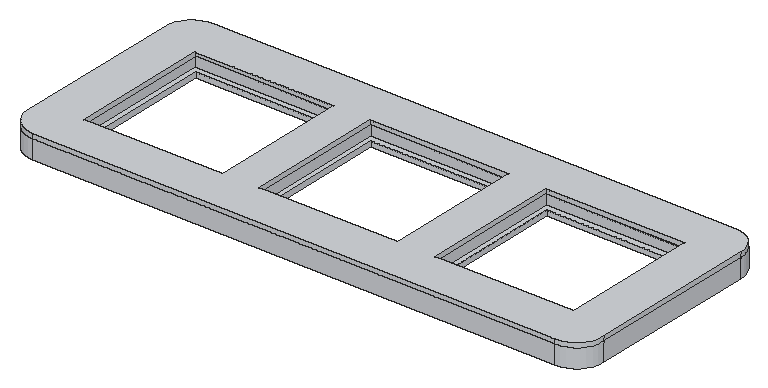
Revit family "Gira_0213411", category Electrical Fixtures, host Face, Revit 2017
Family settings
  Host = Face
  Maintain Annotation Orientation = No
  Round Connector Dimension = Use Diameter
  Part Type = Normal
  Cut with Voids When Loaded = No
  Shared = No
  Room Calculation Point = No
Parameters (values of type "Abdeckrahmen 3f Gira E3 Hellgrau/Reinweiß")
  Werkstoffgüte = "sonstige"
  Werkstoff = "sonstige"
  URL = "http://katalog.gira.de/de_DE/datenblatt.html?artikelnr=0213411"
  Transparent = "No"
  Textfeld/Beschriftungsfläche = "No"
  Schutzart (IP) = "IP20"
  Region = "DE"
  Oberfläche = "sonstige"
  Name = "Abdeckrahmen 3f Gira E3 Hellgrau/Reinweiß"
  Montagerichtung = "horizontal und vertikal"
  Mit Montagerahmen = "No"
  Mit Klappdeckel = "No"
  Manufacturer URL = "https://www.gira.de/"
  Keynote = "E3_Rahmen_3fach"
  HeinzeBIM = "https://bimportal.heinze.de/bim/abdeckrahmen-3f-gira-e3-hellgrau-reinweiss/2f2c754e11d2158d60e164a8fca39d6a2e9a2d84"
  Halogenfrei = "No"
  HAN = "0213411"
  Geeignet für Unterputz-Installation = "Yes"
  Geeignet für Unterflurkanaldose = "No"
  Geeignet für Geräteeinbaukanal = "No"
  Geeignet für Einbauinstallation = "No"
  GTIN = "4010337023791"
  Farbe = "grau"
  Default Elevation = 1219.2 mm
  Data sheet (1) = "https://katalog.gira.de/de_DE/download.html?artikelnr=0213411"
  Category = "Abdeckrahmen"
  Befestigungsart = "Klemmbefestigung"
  Available = "Yes"
  Anzahl der Einheiten vertikal = "3 "
  Anzahl der Einheiten horizontal = "3 "
  Anzahl der Einheiten = "3 "
Reference planes
  plane 1 "Center (Front/Back)": y = 0
  plane 2: z = 0
  plane 3 "Center (Left/Right)": x = 0
Forms (mm)
  Extrusion 1, solid, detail levels fine
    sketch origin (0, 0, 0) x (1, 0, 0) y (0, 1, 0)
      loop
        arc (-106.1, 45.809) -> (-113.884, 42.585) -> (-117.109, 34.8) r 11.009
        line (-117.109, 34.8) -> (-117.109, -34.8)
        arc (-117.109, -34.8) -> (-113.884, -42.585) -> (-106.1, -45.809) r 11.009
        line (-106.1, -45.809) -> (106.1, -45.809)
        arc (106.1, -45.809) -> (113.884, -42.585) -> (117.109, -34.8) r 11.009
        line (117.109, -34.8) -> (117.109, 34.8)
        arc (117.109, 34.8) -> (113.884, 42.585) -> (106.1, 45.809) r 11.009
        line (106.1, 45.809) -> (-106.1, 45.809)
      loop
        line (-43.2, 28.187) -> (-99.456, 28.187) -> (-99.456, -28.187) -> (-43.2, -28.187) -> (-43.2, 28.187)
      loop
        line (-28.3, 28.187) -> (-28.3, -28.187) -> (27.956, -28.187) -> (27.956, 28.187) -> (-28.3, 28.187)
      loop
        line (43.2, 28.187) -> (43.2, -28.187) -> (99.456, -28.187) -> (99.456, 28.187) -> (43.2, 28.187)
    from 7.65 to 9.5
  Extrusion 2, solid, detail levels fine
    sketch origin (-71.5, 0, 0) x (1, 0, 0) y (0, 1, 0)
      loop
        line (26.1, 25.7) -> (-25.7, 25.7) -> (-25.7, -25.7) -> (26.1, -25.7) -> (26.1, 25.7)
      loop
        line (-28.187, -28.156) -> (28.187, -28.156) -> (28.187, 28.156) -> (-28.187, 28.156) -> (-28.187, -28.156)
    from 1.65 to 3.9
  Extrusion 3, solid, detail levels fine
    sketch origin (0, 0, 0) x (1, 0, 0) y (0, 1, 0)
      loop
        arc (-106.1, 45.809) -> (-113.884, 42.585) -> (-117.109, 34.8) r 11.009
        line (-117.109, 34.8) -> (-117.109, -34.8)
        arc (-117.109, -34.8) -> (-113.884, -42.585) -> (-106.1, -45.809) r 11.009
        line (-106.1, -45.809) -> (106.1, -45.809)
        arc (106.1, -45.809) -> (113.884, -42.585) -> (117.109, -34.8) r 11.009
        line (117.109, -34.8) -> (117.109, 34.8)
        arc (117.109, 34.8) -> (113.884, 42.585) -> (106.1, 45.809) r 11.009
        line (106.1, 45.809) -> (-106.1, 45.809)
      loop
        line (-115.143, 34.785) -> (-115.143, -34.785)
        arc (-115.143, -34.785) -> (-112.49, -41.19) -> (-106.084, -43.843) r 9.058
        line (-106.084, -43.843) -> (106.084, -43.843)
        arc (106.084, -43.843) -> (112.49, -41.19) -> (115.143, -34.785) r 9.058
        line (115.143, -34.785) -> (115.143, 34.785)
        arc (115.143, 34.785) -> (112.49, 41.19) -> (106.084, 43.843) r 9.058
        line (106.084, 43.843) -> (-106.084, 43.843)
        arc (-106.084, 43.843) -> (-112.49, 41.19) -> (-115.143, 34.785) r 9.058
    from 0 to 7.65
  Extrusion 4, solid, detail levels fine
    sketch origin (-35.75, 0, 0) x (1, 0, 0) y (0, 1, 0)
      loop
        line (-62.956, -31.075) -> (62.956, -31.075)
        arc (62.956, -31.075) -> (65.599, -29.98) -> (66.694, -27.337) r 3.739
        line (66.694, -27.337) -> (66.694, 27.337)
        arc (66.694, 27.337) -> (65.599, 29.98) -> (62.956, 31.075) r 3.739
        line (62.956, 31.075) -> (-62.956, 31.075)
        arc (-62.956, 31.075) -> (-65.599, 29.98) -> (-66.694, 27.337) r 3.739
        line (-66.694, 27.337) -> (-66.694, -27.337)
        arc (-66.694, -27.337) -> (-65.599, -29.98) -> (-62.956, -31.075) r 3.739
      loop
        line (-65.544, 27.537) -> (-65.544, -27.537)
        arc (-65.544, -27.537) -> (-64.845, -29.226) -> (-63.156, -29.925) r 2.389
        line (-63.156, -29.925) -> (63.156, -29.925)
        arc (63.156, -29.925) -> (64.845, -29.226) -> (65.544, -27.537) r 2.389
        line (65.544, -27.537) -> (65.544, 27.537)
        arc (65.544, 27.537) -> (64.845, 29.226) -> (63.156, 29.925) r 2.389
        line (63.156, 29.925) -> (-63.156, 29.925)
        arc (-63.156, 29.925) -> (-64.845, 29.226) -> (-65.544, 27.537) r 2.389
    from 1.65 to 7.65
  Extrusion 5, solid, detail levels fine
    sketch origin (0, 0, 0) x (1, 0, 0) y (0, 1, 0)
      loop
        line (-103.367, -39.8) -> (103.368, -39.8)
        arc (103.368, -39.8) -> (108.982, -36.708) -> (111.215, -30.7) r 9.2
        line (111.215, -30.7) -> (111.215, 30.7)
        arc (111.215, 30.7) -> (108.52, 37.205) -> (102.015, 39.9) r 9.2
        line (102.015, 39.9) -> (-102.014, 39.9)
        arc (-102.014, 39.9) -> (-108.52, 37.205) -> (-111.214, 30.7) r 9.2
        line (-111.214, 30.7) -> (-111.214, -30.7)
        arc (-111.214, -30.7) -> (-108.982, -36.708) -> (-103.367, -39.8) r 9.2
      loop
        line (-102.014, -31.7) -> (102.015, -31.7)
        arc (102.015, -31.7) -> (102.722, -31.407) -> (103.015, -30.7) r 1
        line (103.015, -30.7) -> (103.015, 30.7)
        arc (103.015, 30.7) -> (102.722, 31.407) -> (102.015, 31.7) r 1
        line (102.015, 31.7) -> (-102.014, 31.7)
        arc (-102.014, 31.7) -> (-102.721, 31.407) -> (-103.014, 30.7) r 1
        line (-103.014, 30.7) -> (-103.014, -30.7)
        arc (-103.014, -30.7) -> (-102.721, -31.407) -> (-102.014, -31.7) r 1
    from 1.65 to 3.9
  Extrusion 6, solid, detail levels fine
    sketch origin (-71.5, 0, 0) x (1, 0, 0) y (0, 1, 0)
      loop
        line (-28.187, 28.156) -> (-28.187, -28.156) -> (28.187, -28.156) -> (28.187, 28.156) -> (-28.187, 28.156)
      loop
        line (-29.925, 29.925) -> (-29.925, -29.925) -> (29.925, -29.925) -> (29.925, 29.925) -> (-29.925, 29.925)
    from 1.65 to 7.65
  Extrusion 7, solid, detail levels coarse+medium
    sketch origin (0, 0, 0) x (1, 0, 0) y (0, 1, 0)
      loop
        line (-117.109, 45.809) -> (-117.109, -45.809) -> (117.109, -45.809) -> (117.109, 45.809) -> (-117.109, 45.809)
    from 0 to 9.5
  Extrusion 8, solid, detail levels fine
    sketch origin (0, 0, 0) x (-1, 0, 0) y (0, -1, 0)
      loop
        line (25.9, -25.7) -> (25.9, 25.7) -> (-25.9, 25.7) -> (-25.9, -25.7) -> (25.9, -25.7)
      loop
        line (-28.187, 28.156) -> (-28.187, -28.156) -> (28.187, -28.156) -> (28.187, 28.156) -> (-28.187, 28.156)
    from 1.65 to 3.9
  Extrusion 9, solid, detail levels fine
    sketch origin (0, 0, 0) x (-1, 0, 0) y (0, -1, 0)
      loop
        line (-28.187, -28.156) -> (28.187, -28.156) -> (28.187, 28.156) -> (-28.187, 28.156) -> (-28.187, -28.156)
      loop
        line (-29.925, -29.925) -> (29.925, -29.925) -> (29.925, 29.925) -> (-29.925, 29.925) -> (-29.925, -29.925)
    from 1.65 to 7.65
  Extrusion 10, solid, detail levels fine
    sketch origin (71.5, 0, 0) x (-1, 0, 0) y (0, -1, 0)
      loop
        line (26.1, -25.7) -> (26.1, 25.7) -> (-25.7, 25.7) -> (-25.7, -25.7) -> (26.1, -25.7)
      loop
        line (-28.187, 28.156) -> (-28.187, -28.156) -> (28.187, -28.156) -> (28.187, 28.156) -> (-28.187, 28.156)
    from 1.65 to 3.9
  Extrusion 11, solid, detail levels fine
    sketch origin (71.5, 0, 0) x (-1, 0, 0) y (0, -1, 0)
      loop
        line (-28.187, -28.156) -> (28.187, -28.156) -> (28.187, 28.156) -> (-28.187, 28.156) -> (-28.187, -28.156)
      loop
        line (-29.925, -29.925) -> (29.925, -29.925) -> (29.925, 29.925) -> (-29.925, 29.925) -> (-29.925, -29.925)
    from 1.65 to 7.65
Dimensions and locks
  aligned and locked: plane 2 to host face
  aligned and locked: level to host face
